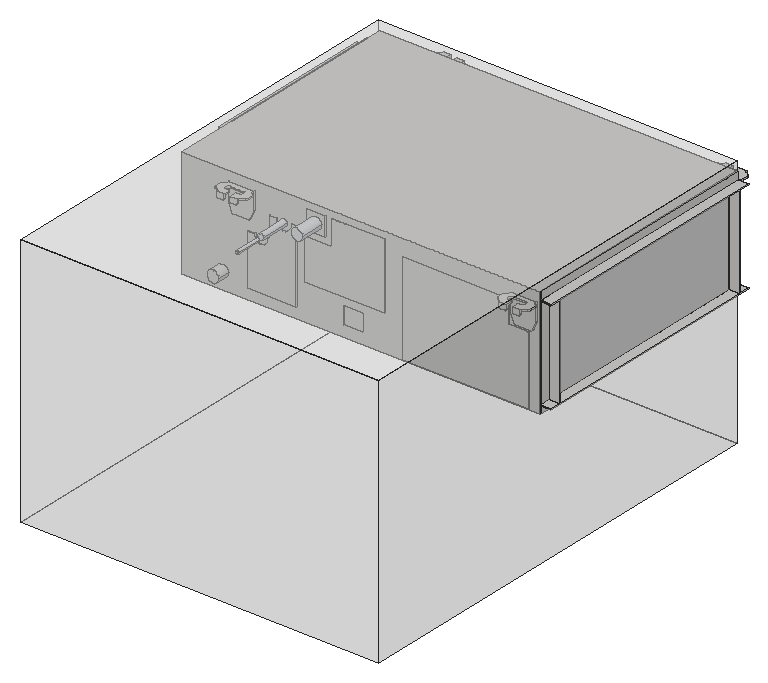
Revit family "outputfile", category 機械設備, Revit 2024
Family settings
  丸型コネクタ寸法 = 半径を使用
  パーツ タイプ = 標準
  OmniClass 番号 = 23.75.10.24.21.27.27
  OmniClass タイトル = Split System Air Conditioning Units
  作業面ベース = いいえ
  常に垂直 = はい
  ロード時にボイドで切り取り = いいえ
  注釈の向きを維持 = いいえ
  共有 = いいえ
  部屋計算ポイント = はい
Parameters (values of type "FXSQ20PAVE")
  Description = ""
  製造元 = "Daikin"
  書き出し IFC クラス(タイプ) = "IfcUnitaryEquipmentType"
  定義済み IFC タイプ(タイプ) = "AIRCONDITIONINGUNIT"
  Cost = 0
  モデル = "FXSQ20PAVE"
  Type Comments = ""
  Keynote = ""
  Type Image = (empty or 0)
  Assembly Code = ""
  r_Liquid Pipe Size = Liquid Pipe Size / 2  # 3.2 mm
  r_Gas Pipe Size = Gas Pipe Size / 2  # 6.35 mm
  r_Drain Pipe Size = Drain Pipe Size / 2  # 12.5 mm
  lw_power = 770.0 mm  # constant formula
  lh_SA = 138.0 mm  # constant formula
  lw_SA = if(Depth = 550.0 mm, 225.0 mm, if(Depth = 700.0 mm, 300.0 mm, if(Depth = 1000.0 mm, 450.0 mm, if(Depth = 1400.0 mm, 650.0 mm, 725.0 mm))))  # 225.0 mm
  lw_RA = if(Depth = 550.0 mm, 275.0 mm, if(Depth = 700.0 mm, 349.0 mm, if(Depth = 1000.0 mm, 499.0 mm, if(Depth = 1400.0 mm, 699.0 mm, 775.0 mm))))  # 275.0 mm
  lh_power = 60.0 mm + [h***]  # 60.0 mm
  lh_mountinghole1 = lh_mountinghole + [h***]  # 222.0 mm
  lh_RA = 123.0 mm  # constant formula
  ld_power = Depth / 2  # 275.0 mm
  Voltage_comment_60Hz = "220"
  Voltage_comment_50Hz = "220-240"
  Voltage_60Hz = 220 V
  Voltage_50Hz = 220 V
  URL = ""
  Supply Air Direction [instance] = yes
  Sound Power Level_H speed (dB) = 61
  Phase_60Hz = 1
  Phase_50Hz = 1
  Minimum External Static Pressure = 30.00 Pa
  Minimum Circuit Amps_60Hz = 0.8 A
  Minimum Circuit Amps_50Hz = 0.8 A
  Maximum Fuse Amps_60Hz = 16.0 A
  Maximum Fuse Amps_50Hz = 16.0 A
  Maximum External Static Pressure = 150.00 Pa
  Material_Casing = DAIKIN_GalvanizedSteel_Casing_indoorunit
  lw_mountinghole = 630.0 mm  # constant formula
  lh_gaspipe = 183.0 mm + [h***]  # 183.0 mm
  lh_mountinghole = 222.0 mm  # constant formula
  lh_liquidpipe = 136.0 mm + [h***]  # 136.0 mm
  lh_drainpipe = 207.0 mm + [h***]  # 207.0 mm
  lh_antena = Height - lh_mountinghole + 1.0 mm  # 24.0 mm
  ld_drainpipe = Depth / 2 + 53.0 mm  # 328.0 mm
  ld_liquidpipe = Depth / 2 + 69.0 mm  # 344.0 mm
  ld_gaspipe = Depth / 2 + 65.0 mm  # 340.0 mm
  ld_mountinghole = Depth + 38.0 mm  # 588.0 mm
  h*** = 0.0 mm  # constant formula
  lw_liquidpipe = 179.0 mm  # constant formula
  lw_gaspipe = 229.0 mm  # constant formula
  lw_drainpipe = 300.0 mm  # constant formula
  Width = 800.0 mm
  Version = "ver.1.0"
  Unit Type = "Middle Static Pressure Duct Type"
  Unit Mass Weight = 25.00 kg
  Unit Designation [instance] = ""
  Uniclass2015Version = "Products v1.30"
  Uniclass2015Title = "Variable refrigerant flow units"
  Uniclass2015Code = "Pr_70_65_03_94"
  Total Heating Capacity [instance] = 0.000 kW
  Total Cooling Capacity [instance] = 0.000 kW
  Sound Pressure Level_M speed (dBA) = 0
  Sound Pressure Level_L speed (dBA) = 28
  Sound Pressure Level_H speed (dBA) = 33
  Series = "VRV Fan Coil Unit"
  Sensible Cooling Capacity [instance] = 0.000 kW
  SA Duct Size Width = if(Depth = 550.0 mm, 337.0 mm, if(Depth = 700.0 mm, 492.0 mm, if(Depth = 1000.0 mm, 792.0 mm, if(Depth = 1400.0 mm, 1192.0 mm, 1337.0 mm))))  # 337.0 mm
  SA Duct Size Height = 176.0 mm
  Refrigerant Type = "R410A"
  RA Duct Size Width = if(Depth = 550.0 mm, 502.0 mm, if(Depth = 700.0 mm, 654.0 mm, if(Depth = 1000.0 mm, 952.0 mm, if(Depth = 1400.0 mm, 1352.0 mm, 1502.0 mm))))  # 502.0 mm
  RA Duct Size Height = 208.0 mm
  Power Input (Heating) = 0.099 kW
  Power Input (Cooling) = 0.104 kW
  Option Accessory 3 [instance] = ""
  Option Accessory 2 [instance] = ""
  Option Accessory 1 [instance] = ""
  Nominal Heating Capacity = 2.500 kW
  Nominal Cooling Capacity = 2.200 kW
  Minimum Airflow = 390.00 m³/h
  Median Airflow = 450.00 m³/h
  Maximum Airflow = 540.00 m³/h
  Load Classification = HVAC
  Liquid Pipe Size = 6.4 mm
  Link_Nested Family [instance] = ""
  IfcVersion = "0"
  IfcExportType = "AIRCONDITIONINGUNIT"
  IfcExportAs = "IfcUnitaryEquipmentType"
  Height = 245.0 mm
  Heating Entering Wet Bulb Temperature [instance] = 0.00 °C
  Heating Entering Dry Bulb Temperature [instance] = 0.00 °C
  Heating Ambient Wet Bulb Temperature [instance] = 0.00 °C
  Heating Ambient Dry Bulb Temperature [instance] = 0.00 °C
  Heat Exchanger Type = "Cross Fin Coil"
  Gas Pipe Size = 12.7 mm
  Frequency_60Hz = 60 Hz
  Frequency_50Hz = 50 Hz
  Fan Type = "Sirocco Fan"
  Fan Drive = "Direct Drive"
  FCU Tag No. [instance] = ""
  Drain Pipe Size = 25.0 mm
  Design Supply Airflow [instance] = 0.00 m³/h
  Design Return Airflow [instance] = 0.00 m³/h
  Design External Static Pressure [instance] = 0.00 Pa
  Depth = 550.0 mm
  既定の高さ = 0.0 mm
  Cooling Entering Wet Bulb Temperature [instance] = 0.00 °C
  Cooling Entering Dry Bulb Temperature [instance] = 0.00 °C
  Cooling Ambient Wet Bulb Temperature [instance] = 0.00 °C
  Cooling Ambient Dry Bulb Temperature [instance] = 0.00 °C
  Clearance visibility [instance] = yes
  Clearance Top = 20.0 mm
  Clearance Right = 0.0 mm
  Clearance Rear = 0.0 mm
  Clearance Left = 0.0 mm
  Clearance Front = 450.0 mm
  Clearance Bottom = 300.0 mm
Reference planes
  plane 1 "Center (Front/Back)": y = 0
  plane 2 "h": z = 0
  plane 3 "Center (Left/Right)": x = 0
  plane 4 "Back": y = 275
  plane 5 "Front": y = -275
  plane 6 "Left": x = -400
  plane 7 "Reight": x = 400
  plane 8 "Top": z = 0
  plane 9 "Bottom": z = -245
  plane 10: y = -215
  plane 11: y = 275
  plane 12: y = -725
  plane 13: x = -400
  plane 14: x = 400
  plane 15: z = 20
  plane 16: z = -545
  plane 17: x = -400
  plane 18: x = -399
  plane 19: x = 399
  plane 20: y = 50
  plane 21: y = 0
  plane 22: z = -122
  plane 23: y = -276
  plane 24: z = -109
  plane 25: x = -221
  plane 26: y = -340
  plane 27: z = -62
  plane 28: x = -171
  plane 29: y = -328
  plane 30: z = -38
  plane 31: x = -100
  plane 32: x = -100
  plane 33: x = -221
  plane 34: x = -171
  plane 35: x = 370
  plane 36: x = -266
  plane 37: x = 364
  plane 38: y = -294
  plane 39: y = 294
  plane 40: z = -23
  plane 41: z = -107
  plane 42: y = -344
  plane 43: z = -207
  plane 44: x = -309
  plane 45: y = -301
  plane 46: x = -251
  plane 47: x = -203
  plane 48: x = -144
  plane 49: z = -59
  plane 50: z = -106
  plane 51: z = -221
  plane 52: z = -109
  plane 53: x = -221
  plane 54: z = -62
  plane 55: x = -171
  plane 56: z = -17
  plane 57: z = -59
  plane 58: x = -121
  plane 59: x = -79
  plane 60: x = -125
  plane 61: x = -64
  plane 62: x = 53
  plane 63: z = -164
  plane 64: z = -73
  plane 65: z = -16
  plane 66: x = 93.5
  plane 67: x = 374.5
  plane 68: x = 330
  plane 69: z = -88.5
  plane 70: z = -38
  plane 71: z = -242.5
  plane 72: x = -38.5
  plane 73: x = 6.5
  plane 74: z = -181
  plane 75: z = -221
  plane 76: y = -274
  plane 77: x = -424
  plane 78: x = 424
Forms (mm)
  Extrusion 1, solid, material "DAIKIN_GalvanizedSteel_Casing_indoorunit" <- "Material_Casing"
    sketch origin (0, 0, 0) x (1, 0, 0) y (0, 1, 0)
      loop
        line (-399, 275) -> (-399, -275) -> (399, -275) -> (399, 275) -> (-399, 275)
    from -245 to 0
  Extrusion 2, solid, material "DAIKIN_GalvanizedSteel_Casing_indoorunit" <- "Material_Casing"
    sketch origin (0, 0, 0) x (1, 0, 0) y (0, 0, 1)
      loop
        line (-251, -221) -> (-144, -221) -> (-144, -59) -> (-154.47, -59)
        arc (-154.47, -59) -> (-171, -78.8) -> (-187.53, -59) r 16.8
        line (-187.53, -59) -> (-203, -59) -> (-203, -106) -> (-206.916, -106)
        arc (-206.916, -106) -> (-221, -123.4) -> (-235.084, -106) r 14.4
        line (-235.084, -106) -> (-251, -106) -> (-251, -221)
    from 275 to 276
  Extrusion 3, solid, material "DAIKIN_GalvanizedSteel_Casing_indoorunit" <- "Material_Casing"
    sketch origin (0, 0, 0) x (1, 0, 0) y (0, 0, 1)
      loop
        line (-121, -17) -> (-121, -59) -> (-79, -59) -> (-79, -17) -> (-121, -17)
      loop
        line (-125, -73) -> (-125, -164) -> (53, -164) -> (53, -16) -> (-64, -16) -> (-64, -73) -> (-125, -73)
    from 275 to 276
  Extrusion 4, solid, material "DAIKIN_GalvanizedSteel_Casing_indoorunit" <- "Material_Casing"
    sketch origin (0, 0, 0) x (1, 0, 0) y (0, 0, 1)
      loop
        line (93.5, -38) -> (93.5, -242.5) -> (374.5, -242.5) -> (374.5, -88.5) -> (330, -88.5) -> (330, -38) -> (93.5, -38)
    from 275 to 276
  Extrusion 5, solid
    sketch origin (0, 0, 0) x (1, 0, 0) y (0, 0, 1)
      loop
        circle (-221, -109) r 3.2
    from 275 to 344
  Extrusion 6, solid
    sketch origin (0, 0, 0) x (1, 0, 0) y (0, 0, 1)
      loop
        circle (-171, -62) r 6.35
    from 275 to 340
  Extrusion 7, solid
    sketch origin (0, 0, 0) x (1, 0, 0) y (0, 0, 1)
      loop
        circle (-100, -38) r 12.5
    from 276 to 328
  Extrusion 8, solid, material "DAIKIN_GalvanizedSteel_Casing_indoorunit" <- "Material_Casing"
    sketch origin (0, 0, 0) x (1, 0, 0) y (0, 0, 1)
      loop
        circle (-309, -207) r 13
    from 275 to 301
  Extrusion 9, void
    sketch origin (0, 0, 0) x (1, 0, 0) y (0, 0, 1)
      loop
        line (-38.5, -181) -> (-38.5, -221) -> (6.5, -221) -> (6.5, -181) -> (-38.5, -181)
    from 274 to 275
Cuts and joins
  Extrusion 9 cuts Extrusion 1
Dimensions and locks
  "Height": plane 8 "Top" to plane 9 "Bottom"
  equal spacing: plane 4 "Back", plane 1 "Center (Front/Back)", plane 5 "Front"
  "Depth": plane 4 "Back" to plane 5 "Front"
  equal spacing: plane 6 "Left", plane 3 "Center (Left/Right)", plane 7 "Reight"
  "Width": plane 6 "Left" to plane 7 "Reight"
  "Clearance Left": plane 13 to plane 6 "Left"
  "Clearance Right": plane 7 "Reight" to plane 14
  "Clearance Rear": plane 11 to plane 4 "Back"
  "Clearance Front": plane 5 "Front" to plane 12
  "Clearance Top": plane 15 to plane 8 "Top"
  "Clearance Bottom": plane 9 "Bottom" to plane 16
  locked: plane 17 to plane 18 at 1
  locked: plane 19 to plane 14 at 1
  "lw_SA": plane 11 to plane 20
  "lw_RA": plane 21 to plane 5 "Front"
  "lh_RA": plane 22 to plane 9 "Bottom"
  locked: plane 5 "Front" to plane 23 at 1
  "lw_liquidpipe": plane 25 to plane 6 "Left"
  "lh_liquidpipe": plane 24 to plane 9 "Bottom"
  "lh_gaspipe": plane 27 to plane 9 "Bottom"
  "lw_gaspipe": plane 28 to plane 6 "Left"
  "ld_gaspipe": plane 26 to plane 1 "Center (Front/Back)"
  "ld_drainpipe": plane 29 to plane 1 "Center (Front/Back)"
  "lh_drainpipe": plane 30 to plane 9 "Bottom"
  "lw_drainpipe": plane 31 to plane 6 "Left"
  "lw_drainpipe": plane 6 "Left" to plane 32
  "lw_liquidpipe": plane 6 "Left" to plane 33
  "lw_gaspipe": plane 6 "Left" to plane 34
  "lw_power": plane 6 "Left" to plane 35
  locked: plane 17 to plane 36 at 134
  "lw_mountinghole": plane 36 to plane 37
  equal spacing: plane 38, plane 1 "Center (Front/Back)", plane 39
  "ld_mountinghole": plane 39 to plane 38
  "lh_mountinghole": plane 40 to plane 9 "Bottom"
  "lh_SA": plane 41 to plane 9 "Bottom"
  "ld_liquidpipe": plane 21 to plane 42
  locked: plane 44 to plane 6 "Left" at 91
  locked: plane 43 to plane 9 "Bottom" at 38
  locked: plane 5 "Front" to plane 45 at 26
  plane 48 to plane 47 to plane 46 to plane 6 "Left" = 59.0 mm, 48.0 mm, 149.0 mm
  plane 8 "Top" to plane 49 to plane 50 to plane 51 = 59.0 mm locked, 47.0 mm locked, 115.0 mm locked
  plane 55 to plane 53 to plane 6 "Left" = 50.0 mm locked, 179.0 mm locked
  plane 54 to plane 52 to plane 9 "Bottom" = 47.0 mm locked, 136.0 mm locked
  plane 59 to plane 58 to plane 6 "Left" = 42.0 mm locked, 279.0 mm locked
  plane 8 "Top" to plane 56 to plane 57 = 17.0 mm locked, 42.0 mm locked
  plane 62 to plane 61 to plane 60 to plane 6 "Left" = 117.0 mm, 61.0 mm, 275.0 mm
  plane 8 "Top" to plane 65 to plane 64 = 16.0 mm locked, 57.0 mm locked
  locked: plane 65 to plane 63 at 148
  plane 8 "Top" to plane 70 to plane 69 to plane 71 = 38.0 mm locked, 50.5 mm locked, 154.0 mm locked
  plane 67 to plane 68 to plane 66 to plane 6 "Left" = 44.5 mm locked, 236.5 mm locked, 493.5 mm locked
  plane 8 "Top" to plane 74 to plane 75 = 181.0 mm locked, 40.0 mm locked
  plane 73 to plane 72 to plane 6 "Left" = 45.0 mm, 361.5 mm
  locked: plane 76 to plane 5 "Front" at 1
  locked: plane 77 to plane 17 at 24
  locked: plane 14 to plane 78 at 24
  "r_Liquid Pipe Size": radius of Extrusion 5 sketch curve
  "r_Gas Pipe Size": radius of Extrusion 6 sketch curve
  "r_Drain Pipe Size": radius of Extrusion 7 sketch curve
  aligned and locked: level to plane 2 "h"
  aligned and locked: plane 8 "Top" to Extrusion 1
  aligned and locked: Extrusion 1 to plane 9 "Bottom"
  aligned and locked: nested 5 to plane 12
  aligned and locked: plane 13 to nested 5
  aligned and locked: plane 14 to nested 5
  aligned and locked: nested 5 to plane 13
  aligned and locked: plane 11 to nested 5
  aligned and locked: plane 15 to nested 5
  aligned and locked: plane 16 to nested 5
  aligned and locked: plane 5 "Front" to Extrusion 1 sketch curve
  aligned and locked: Extrusion 1 to plane 18
  aligned and locked: plane 19 to Extrusion 1
  aligned and locked: nested 7 to plane 18
  aligned and locked: nested 7 to plane 20
  aligned and locked: plane 19 to nested 8
  aligned and locked: plane 21 to nested 8
  aligned and locked: plane 22 to nested 8
  aligned and locked: Extrusion 2 to plane 23
  aligned and locked: plane 5 "Front" to Extrusion 2
  aligned and locked: Extrusion 3 to plane 23
  aligned and locked: plane 5 "Front" to Extrusion 3
  aligned and locked: plane 5 "Front" to Extrusion 4
  aligned and locked: Extrusion 5 sketch curve to plane 25
  aligned and locked: plane 24 to Extrusion 5 sketch curve
  aligned and locked: plane 5 "Front" to Extrusion 5
  aligned and locked: Extrusion 6 sketch curve to plane 28
  aligned and locked: plane 27 to Extrusion 6 sketch curve
  aligned and locked: plane 5 "Front" to Extrusion 6
  aligned and locked: Extrusion 7 sketch curve to plane 31
  aligned and locked: Extrusion 7 sketch curve to plane 30
  aligned and locked: Extrusion 7 to plane 29
  aligned and locked: plane 23 to Extrusion 7
  aligned and locked: nested 3 to plane 29
  aligned and locked: plane 32 to nested 3
  aligned and locked: nested 2 to plane 33
  aligned and locked: nested 1 to plane 34
  aligned and locked: Extrusion 6 to plane 26
  aligned and locked: nested 1 to plane 26
  aligned and locked: nested 6 to plane 5 "Front"
  aligned and locked: plane 35 to nested 6
  aligned and locked: plane 36 to nested 10
  aligned and locked: nested 10 to plane 5 "Front"
  aligned and locked: plane 37 to nested 9
  aligned and locked: nested 9 to plane 5 "Front"
  aligned and locked: nested 11 to plane 36
  aligned and locked: plane 4 "Back" to nested 11
  aligned and locked: nested 12 to plane 37
  aligned and locked: plane 4 "Back" to nested 12
  aligned and locked: plane 40 to nested 10
  aligned and locked: plane 40 to nested 11
  aligned and locked: plane 40 to nested 9
  aligned and locked: plane 40 to nested 12
  aligned and locked: plane 36 to nested 14
  aligned and locked: nested 14 to plane 39
  aligned and locked: plane 37 to nested 13
  aligned and locked: nested 13 to plane 39
  aligned and locked: plane 37 to nested 16
  aligned and locked: plane 38 to nested 16
  aligned and locked: plane 38 to nested 15
  aligned and locked: plane 36 to nested 15
  aligned and locked: plane 17 to plane 6 "Left"
  aligned and locked: plane 41 to nested 7
  aligned and locked: Extrusion 5 to plane 42
  aligned and locked: nested 2 to plane 42
  aligned and locked: Extrusion 8 sketch curve to plane 44
  aligned and locked: plane 43 to Extrusion 8 sketch curve
  aligned and locked: plane 5 "Front" to Extrusion 8
  aligned and locked: plane 45 to Extrusion 8
  aligned and locked: Extrusion 3 sketch curve to plane 56
  aligned and locked: Extrusion 3 sketch curve to plane 58
  aligned and locked: plane 57 to Extrusion 3 sketch curve
  aligned and locked: plane 59 to Extrusion 3 sketch curve
  aligned and locked: Extrusion 4 to plane 23
  aligned and locked: Extrusion 9 sketch curve to plane 74
  aligned and locked: plane 75 to Extrusion 9 sketch curve
  aligned and locked: plane 73 to Extrusion 9 sketch curve
  aligned and locked: plane 5 "Front" to Extrusion 9
  aligned and locked: plane 76 to Extrusion 9
  aligned and locked: nested 17 to plane 20
  aligned and locked: nested 17 to plane 77
  aligned and locked: plane 21 to nested 18
  aligned and locked: plane 78 to nested 18
  aligned and locked: plane 41 to nested 17
  aligned and locked: nested 18 to plane 22
  aligned and locked: nested 4 to plane 3 "Center (Left/Right)"
  aligned and locked: plane 1 "Center (Front/Back)" to nested 4
  aligned and locked: level to plane 8 "Top"
Automatic sketch dimensions
  plane 6 "Left" to Extrusion 1 sketch curve = 1.0 mm
  Extrusion 1 sketch curve to plane 7 "Reight" = 1.0 mm
  Extrusion 1 sketch curve to plane 4 "Back" = 0.0 mm
  Extrusion 2 sketch curve to plane 46 = 0.0 mm
  Extrusion 2 sketch curve to plane 33 = 0.0 mm
  Extrusion 2 sketch curve to plane 47 = 0.0 mm
  Extrusion 2 sketch curve to plane 34 = 0.0 mm
  Extrusion 2 sketch curve to plane 48 = 0.0 mm
  Extrusion 2 sketch curve to plane 51 = 0.0 mm
  Extrusion 2 sketch curve to plane 52 = 0.0 mm
  Extrusion 2 sketch curve to plane 50 = 0.0 mm  (x3)
  Extrusion 2 sketch curve to plane 54 = 0.0 mm
  Extrusion 2 sketch curve to plane 49 = 0.0 mm  (x3)
  plane 33 to Extrusion 2 sketch curve = 14.084 mm
  plane 34 to Extrusion 2 sketch curve = 16.53 mm
  Extrusion 3 sketch curve to plane 60 = 0.0 mm
  Extrusion 3 sketch curve to plane 61 = 0.0 mm
  Extrusion 3 sketch curve to plane 62 = 0.0 mm
  Extrusion 3 sketch curve to plane 63 = 0.0 mm
  Extrusion 3 sketch curve to plane 64 = 0.0 mm
  Extrusion 3 sketch curve to plane 65 = 0.0 mm
  Extrusion 4 sketch curve to plane 66 = 0.0 mm
  Extrusion 4 sketch curve to plane 68 = 0.0 mm
  Extrusion 4 sketch curve to plane 67 = 0.0 mm
  Extrusion 4 sketch curve to plane 71 = 0.0 mm
  Extrusion 4 sketch curve to plane 69 = 0.0 mm
  Extrusion 4 sketch curve to plane 70 = 0.0 mm
  Extrusion 9 sketch curve to plane 72 = 0.0 mm
  radius of Extrusion 8 sketch curve = 13.0 mm
Nested families
  nested 1: "daikin_connector_rotate2" at (-171, 0, -62), length <- "ld_gaspipe", built-in parameter 1001364 <- "lh_gaspipe", radius <- "r_Gas Pipe Size", type "daikin_connector_rotate2"
    with radius 6.35 mm, length 340.0 mm, angle_vertical 90.00°
  nested 2: "daikin_connector_rotate2" at (-221, 0, -109), length <- "ld_liquidpipe", built-in parameter 1001364 <- "lh_liquidpipe", radius <- "r_Liquid Pipe Size", type "daikin_connector_rotate2"
    with radius 3.2 mm, length 344.0 mm, angle_vertical 90.00°
  nested 3: "daikin_connector_rotate2" at (-100, 0, -38), length <- "ld_drainpipe", built-in parameter 1001364 <- "lh_drainpipe", radius <- "r_Drain Pipe Size", type "daikin_connector_rotate2"
    with radius 12.5 mm, length 328.0 mm, angle_vertical 90.00°
  nested 4: "daikin_△_symbolicline" at (0, 0, 245) x (0, -1, 0) z (0, 0, 1), built-in parameter 1001364 <- "Height", visible <- "Supply Air Direction", type "daikin_△_symbolicline"
    with length 200.0 mm
  nested 5: "daikin_clearancespace" at (0, -225, -262.381), visible <- "Clearance visibility", show <- "Clearance visibility", Link_Nested Family <- "Link_Nested Family", type "daikin_clearancespace"
    with width 800.0 mm, show yes, height 565.0 mm, depth 1000.0 mm, Link_Nested Family ""
  nested 6: "daikin_connector_rotate2" at (370, 0, -185), built-in parameter 1001364 <- "lh_power", length <- "ld_power", type "daikin_connector_rotate2"
    with radius 10.0 mm, length 275.0 mm, angle_vertical 90.00°
  nested 7: "daikin_ductflange_FXSQ-PAVE2" at (-399, 50, -107) x (0, -1, 0) z (0, 0, 1), type "daikin_ductflange_FXSQ-PAVE2"
  nested 8: "daikin_ductflange_FXSQ-PAVE" at (399, 0, -122) x (0, 1, 0) z (0, 0, 1), type "daikin_ductflange_FXSQ-PAVE"
  nested 9: "daikin_hangerfixture_FXSQ-PAVE" at (364, -275, -23), type "daikin_hangerfixture_FXSQ-PAVE"
  nested 10: "daikin_hangerfixture_FXSQ-PAVE" at (-266, -275, -23), type "daikin_hangerfixture_FXSQ-PAVE"
  nested 11: "daikin_hangerfixture_FXSQ-PAVE" at (-266, 275, -23) x (-1, 0, 0) z (0, 0, 1), type "daikin_hangerfixture_FXSQ-PAVE"
  nested 12: "daikin_hangerfixture_FXSQ-PAVE" at (364, 275, -23) x (-1, 0, 0) z (0, 0, 1), type "daikin_hangerfixture_FXSQ-PAVE"
  nested 13: "daikin_mountinghole" at (364, 294, -245), h_mountinghole <- "lh_mountinghole1", l_antenna <- "lh_antena", Link_Nested Family <- "Link_Nested Family", type "daikin_mountinghole"
    with show yes, l_antenna 24.0 mm, h_mountinghole 222.0 mm, Link_Nested Family ""
  nested 14: "daikin_mountinghole" at (-266, 294, -245), h_mountinghole <- "lh_mountinghole1", l_antenna <- "lh_antena", Link_Nested Family <- "Link_Nested Family", type "daikin_mountinghole"
    with show yes, l_antenna 24.0 mm, h_mountinghole 222.0 mm, Link_Nested Family ""
  nested 15: "daikin_mountinghole" at (-266, -294, -245), h_mountinghole <- "lh_mountinghole1", l_antenna <- "lh_antena", Link_Nested Family <- "Link_Nested Family", type "daikin_mountinghole"
    with show yes, l_antenna 24.0 mm, h_mountinghole 222.0 mm, Link_Nested Family ""
  nested 16: "daikin_mountinghole" at (364, -294, -245), h_mountinghole <- "lh_mountinghole1", l_antenna <- "lh_antena", Link_Nested Family <- "Link_Nested Family", type "daikin_mountinghole"
    with show yes, l_antenna 24.0 mm, h_mountinghole 222.0 mm, Link_Nested Family ""
  nested 17: "daikin_connector_rotate2" at (-400, 50, -107) x (0, -1, 0) z (0, 0, 1), type "daikin_connector_rotate2"
    with radius 10.0 mm, length 24.0 mm, angle_vertical 90.00°
  nested 18: "daikin_connector_rotate2" at (400, 0, -122) x (0, 1, 0) z (0, 0, 1), type "daikin_connector_rotate2"
    with radius 10.0 mm, length 24.0 mm, angle_vertical 90.00°
Connectors
  piping at (-100, -328, -38), diameter 25, driven by "r_Drain Pipe Size"
    settings: on nested 3, index 3, connector inside diameter 609.6 mm, connector length 0.0 mm, flow factor 0, pipe flow 0.00 m³/h, pressure drop 0.0 Pa, fitting loss kfactor 0, connector angle 0.00°, fixture units 0, engagement length 0.0 mm, angle of deflection 0.00°, flow configuration 1, flow direction 2, fitting loss method 4, system type 16, joint type 0, gender type 0, connector reference index -1, connector utility 0, adjustable connector no, is connector primary yes, connector description "Condensate Drain Piping"
  piping at (-171, -340, -62), diameter 12.7, driven by "r_Gas Pipe Size"
    settings: on nested 1, index 4, connector inside diameter 609.6 mm, connector length 0.0 mm, flow factor 0, pipe flow 0.00 m³/h, pressure drop 0.0 Pa, fitting loss kfactor 0, connector angle 0.00°, fixture units 0, engagement length 0.0 mm, angle of deflection 0.00°, flow configuration 1, flow direction 2, fitting loss method 0, system type 29, joint type 0, gender type 0, connector reference index -1, connector utility 0, adjustable connector no, is connector primary no, connector description "Refrigerant Gas Piping"
  piping at (-221, -344, -109), diameter 6.4, driven by "r_Liquid Pipe Size"
    settings: on nested 2, index 5, connector inside diameter 609.6 mm, connector length 0.0 mm, flow factor 0, pipe flow 0.00 m³/h, pressure drop 0.0 Pa, fitting loss kfactor 0, connector angle 0.00°, fixture units 0, engagement length 0.0 mm, angle of deflection 0.00°, flow configuration 1, flow direction 1, fitting loss method 0, system type 29, joint type 0, gender type 0, connector reference index -1, connector utility 0, adjustable connector no, is connector primary no, connector description "Refrigerant Liquid Piping"
  electrical at (370, -275, -185), driven by "Load Classification"
    settings: on nested 6, index 6, voltage 0 V, apparent load 0 VA, apparent load phase1 0 VA, apparent load phase2 0 VA, apparent load phase3 0 VA, power factor 1, load classification "HVAC", number of poles 1, system type 30, power factor state 1, is connector primary yes, connector utility no, sub classification motor no, connector description "Power Supply"
  hvac at (-424, 50, -107), driven by "SA Duct Size Height", driven by "SA Duct Size Width"
    settings: on nested 17, index 7, duct flow 0.00 m³/h, flow factor 0, pres drop 0.00 Pa, loss coef 0, conn angle 0.00°, conn width 337.0 mm, conn height 176.0 mm, conn diameter 609.6 mm, duct sys type 1, conn prof type 1, flow config 0, flow direction 2, loss method 4, conn ref index -1, conn util no, is conn primary yes, conn desc "SA Duct"
  hvac at (424, 0, -122), driven by "RA Duct Size Height", driven by "RA Duct Size Width"
    settings: on nested 18, index 8, duct flow 0.00 m³/h, flow factor 0, pres drop 0.00 Pa, loss coef 0, conn angle 0.00°, conn width 502.0 mm, conn height 208.0 mm, conn diameter 609.6 mm, duct sys type 2, conn prof type 1, flow config 0, flow direction 1, loss method 4, conn ref index -1, conn util no, is conn primary no, conn desc "RA Duct"
Definition of nested family "daikin_clearancespace"
  Parameters (values of type "daikin_clearancespace")
    width [instance] = 1823.963 mm
    show [instance] = yes
    material = none
    height [instance] = 1359.762 mm
    depth [instance] = 880.0 mm
    Default Elevation = 0.0 mm
    Link_Nested Family [instance] = ""
  Reference planes
    plane 1 "Center (Front/Back)": y = 0
    plane 2 "Center (Elevation)": z = -0.119
    plane 3 "Center (Left/Right)": x = 0
    plane 4: y = 440
    plane 5: y = -440
    plane 6 "Right": x = 911.982
    plane 7 "Left": x = -911.982
    plane 8 "Top": z = 679.762
    plane 9 "Bottom": z = -680
  Forms (mm)
    Extrusion 1, solid, material <- "material", visible <- "show"
      sketch origin (0, 0, 0) x (1, 0, 0) y (0, 1, 0)
        loop
          line (-911.982, 440) -> (-911.982, -440) -> (911.982, -440) -> (911.982, 440) -> (-911.982, 440)
      from -680 to 679.762
  Lines and regions (mm)
    symbolic lines, visible <- "show"
      curve 1: line (911.982, 440, 0) -> (-911.982, 440, 0)
      curve 2: line (-911.982, 440, 0) -> (-911.982, -440, 0)
      curve 3: line (-911.982, -440, 0) -> (911.982, -440, 0)
      curve 4: line (911.982, -440, 0) -> (911.982, 440, 0)
      curve 5: line (911.982, 0, 679.762) -> (-911.982, 0, 679.762)
      curve 6: line (911.982, 0, -680) -> (911.982, 0, 679.762)
      curve 7: line (-911.982, 0, -680) -> (911.982, 0, -680)
      curve 8: line (-911.982, 0, 679.762) -> (-911.982, 0, -680)
      curve 9: line (0, 440, 679.762) -> (0, -440, 679.762)
      curve 10: line (0, -440, 679.762) -> (0, -440, -680)
      curve 11: line (0, 440, -680) -> (0, 440, 679.762)
      curve 12: line (0, -440, -680) -> (0, 440, -680)
  Dimensions and locks
    "width": plane 7 "Left" to plane 6 "Right"
    "depth": plane 4 to plane 5
    "height": plane 8 "Top" to plane 9 "Bottom"
    equal spacing: plane 7 "Left", plane 3 "Center (Left/Right)", plane 6 "Right"
    equal spacing: plane 4, plane 1 "Center (Front/Back)", plane 5
    equal spacing: plane 8 "Top", plane 2 "Center (Elevation)", plane 9 "Bottom"
    aligned and locked: level to plane 2 "Center (Elevation)"
    aligned and locked: Extrusion 1 sketch curve to plane 4
    aligned and locked: plane 7 "Left" to Extrusion 1 sketch curve
    aligned and locked: Extrusion 1 sketch curve to plane 5
    aligned and locked: Extrusion 1 sketch curve to plane 6 "Right"
    aligned and locked: plane 8 "Top" to Extrusion 1
    aligned and locked: curve 1 to Extrusion 1
    aligned and locked: curve 2 to Extrusion 1
    aligned and locked: curve 3 to Extrusion 1
    aligned and locked: curve 4 to Extrusion 1
    aligned and locked: curve 5 to Extrusion 1
    aligned and locked: curve 6 to Extrusion 1
    aligned and locked: curve 7 to Extrusion 1
    aligned and locked: curve 8 to Extrusion 1
    aligned and locked: curve 9 to Extrusion 1
    aligned and locked: curve 10 to Extrusion 1
    aligned and locked: curve 11 to Extrusion 1
    aligned and locked: curve 12 to Extrusion 1
    aligned and locked: Extrusion 1 to plane 9 "Bottom"
Definition of nested family "daikin_ductflange_FXSQ-PAVE2"
  Parameters (values of type "daikin_ductflange_FXMQ-PAVE2")
    width = if(w = 550.0 mm, 337.0 mm, if(w = 700.0 mm, 492.0 mm, if(w = 1000.0 mm, 792.0 mm, if(w = 1400.0 mm, 1192.0 mm, 1337.0 mm))))  # 337.0 mm
    material = none
    height = 215.0 mm
    depth = 1.0 mm
    w = 550.0 mm
    Default Elevation = 0.0 mm
  Reference planes
    plane 1 "Center (Front/Back)": y = 0
    plane 2: z = 0
    plane 3 "Center (Left/Right)": x = 0
    plane 4: z = 88
    plane 5: z = -88
    plane 6: y = -25
    plane 7: z = 106
    plane 8: z = 89
    plane 9: y = -1
    plane 10: x = -192.5
    plane 11: x = 192.5
    plane 12: z = -106
    plane 13: z = -89
    plane 14: y = -1
    plane 15: x = 168.5
    plane 16: x = -168.5
    plane 17: x = 169.5
    plane 18: z = 87
    plane 19: z = -87
    plane 20: x = -169.5
    plane 21: z = 87
    plane 22: z = -87
    plane 23: y = -1
  Forms (mm)
    Extrusion 1, solid, material <- "material"
      sketch origin (0, 0, 0) x (0, 1, 0) y (0, 0, 1)
        loop
          line (-25, 88) -> (0, 88) -> (0, 106) -> (-1, 106) -> (-1, 89) -> (-25, 89) -> (-25, 88)
      from -192.5 to 192.5
    Extrusion 2, solid, material <- "material"
      sketch origin (0, 0, 0) x (0, 1, 0) y (0, 0, 1)
        loop
          line (-25, -88) -> (-25, -89) -> (-1, -89) -> (-1, -106) -> (0, -106) -> (0, -88) -> (-25, -88)
      from -192.5 to 192.5
    Extrusion 3, solid, material <- "material"
      sketch origin (0, 0, 0) x (1, 0, 0) y (0, 0, 1)
        loop
          line (168.5, 88) -> (168.5, -88) -> (192.5, -88) -> (192.5, -87) -> (169.5, -87) -> (169.5, 87) -> (192.5, 87) -> (192.5, 88) -> (168.5, 88)
      from 0 to 25
    Extrusion 4, solid, material <- "material"
      sketch origin (0, 0, 0) x (1, 0, 0) y (0, 0, 1)
        loop
          line (-192.5, 88) -> (-192.5, 87) -> (-169.5, 87) -> (-169.5, -87) -> (-192.5, -87) -> (-192.5, -88) -> (-168.5, -88) -> (-168.5, 88) -> (-192.5, 88)
      from 0 to 25
    Extrusion 5, solid, material <- "material"
      sketch origin (0, 0, 0) x (1, 0, 0) y (0, 0, 1)
        loop
          line (-192.5, 88) -> (-192.5, -88) -> (-168.5, -88) -> (-168.5, 88) -> (-192.5, 88)
        loop
          line (192.5, 88) -> (168.5, 88) -> (168.5, -88) -> (192.5, -88) -> (192.5, 88)
      from 0 to 1
  Cuts and joins
    joined: Extrusion 1, Extrusion 2, Extrusion 3, Extrusion 4, Extrusion 5
  Dimensions and locks
    plane 4 to level to plane 5 = 88.0 mm, 88.0 mm
    locked: plane 6 to plane 1 "Center (Front/Back)" at 25
    locked: plane 9 to plane 1 "Center (Front/Back)" at 1
    locked: plane 8 to plane 4 at 1
    locked: plane 16 to plane 10 at 24
    locked: plane 17 to plane 15 at 1
    locked: plane 4 to plane 18 at 1
    locked: plane 19 to plane 5 at 1
    "width": plane 15 to plane 16
    plane 4 to plane 5 = 176.0 mm
    locked: plane 16 to plane 20 at 1
    locked: plane 4 to plane 21 at 1
    locked: plane 22 to plane 5 at 1
    locked: plane 23 to plane 1 "Center (Front/Back)" at 1
    plane 4 to level to plane 5 = 88.0 mm locked, 88.0 mm locked
    locked: plane 5 to plane 13 at 1
    locked: plane 5 to plane 12 at 18
    locked: plane 7 to plane 4 at 18
    equal spacing: plane 15, plane 3 "Center (Left/Right)", plane 16
    locked: plane 11 to plane 15 at 24
    plane 11 to plane 10 = 385.0 mm
    aligned and locked: level to plane 2
    aligned and locked: Extrusion 1 to plane 10
    aligned and locked: plane 11 to Extrusion 1
    aligned and locked: plane 5 to Extrusion 2
    aligned and locked: Extrusion 2 to plane 1 "Center (Front/Back)"
    aligned and locked: plane 15 to Extrusion 3 sketch curve
    aligned and locked: Extrusion 3 sketch curve to Extrusion 2  (x2)
    aligned and locked: Extrusion 3 sketch curve to plane 11
    aligned and locked: plane 6 to Extrusion 3
    aligned and locked: Extrusion 2 to plane 10
    aligned and locked: plane 11 to Extrusion 2
    aligned and locked: Extrusion 4 sketch curve to Extrusion 1  (x2)
    aligned and locked: plane 5 to Extrusion 4 sketch curve
    aligned and locked: Extrusion 4 sketch curve to plane 16
    aligned and locked: Extrusion 4 sketch curve to plane 22
    aligned and locked: plane 20 to Extrusion 4 sketch curve
    aligned and locked: plane 21 to Extrusion 4 sketch curve
    aligned and locked: Extrusion 4 to plane 1 "Center (Front/Back)"
    aligned and locked: plane 6 to Extrusion 4
    aligned and locked: Extrusion 5 sketch curve to Extrusion 1  (x4)
    aligned and locked: Extrusion 5 sketch curve to Extrusion 4  (x2)
    aligned and locked: Extrusion 5 sketch curve to Extrusion 3  (x2)
    aligned and locked: Extrusion 5 to plane 1 "Center (Front/Back)"
    aligned and locked: plane 23 to Extrusion 5
  Automatic sketch dimensions
    Extrusion 1 sketch curve to plane 6 = 0.0 mm
    Extrusion 1 sketch curve to plane 7 = 0.0 mm
    Extrusion 1 sketch curve to plane 9 = 0.0 mm
    Extrusion 1 sketch curve to plane 1 "Center (Front/Back)" = 0.0 mm
    Extrusion 1 sketch curve to plane 4 = 0.0 mm
    Extrusion 1 sketch curve to plane 8 = 0.0 mm
    Extrusion 2 sketch curve to plane 6 = 0.0 mm
    plane 12 to Extrusion 2 sketch curve = 0.0 mm
    Extrusion 2 sketch curve to plane 14 = 0.0 mm
    Extrusion 2 sketch curve to plane 1 "Center (Front/Back)" = 0.0 mm
    plane 13 to Extrusion 2 sketch curve = 0.0 mm
    Extrusion 2 sketch curve to plane 5 = 0.0 mm
    Extrusion 3 sketch curve to plane 17 = 0.0 mm
    Extrusion 3 sketch curve to plane 19 = 0.0 mm
    Extrusion 3 sketch curve to plane 18 = 0.0 mm
    Extrusion 3 sketch curve to plane 4 = 0.0 mm
    Extrusion 4 sketch curve to plane 10 = 0.0 mm
Definition of nested family "daikin_ductflange_FXSQ-PAVE"
  Parameters (values of type "daikin_ductflange_FXMQ-PAVE")
    width = if(w = 550.0 mm, 502.0 mm, if(w = 700.0 mm, 654.0 mm, if(w = 1000.0 mm, 952.0 mm, if(w = 1400.0 mm, 1352.0 mm, 1502.0 mm))))  # 502.0 mm
    material = none
    height = 208.0 mm
    depth = 1.0 mm
    w = 550.0 mm
    Default Elevation = 0.0 mm
  Reference planes
    plane 1 "Center (Front/Back)": y = 0
    plane 2: z = 0
    plane 3 "Center (Left/Right)": x = 0
    plane 4: z = 104
    plane 5: z = -104
    plane 6: y = -25
    plane 7: z = 121
    plane 8: z = 105
    plane 9: y = -1
    plane 10: x = -275
    plane 11: x = 275
    plane 12: z = -122
    plane 13: z = -105
    plane 14: y = -1
    plane 15: x = 251
    plane 16: x = -251
    plane 17: x = 252
    plane 18: z = 103
    plane 19: z = -103
    plane 20: x = -252
    plane 21: z = 103
    plane 22: z = -103
    plane 23: y = -1
  Forms (mm)
    Extrusion 1, solid, material <- "material"
      sketch origin (0, 0, 0) x (0, 1, 0) y (0, 0, 1)
        loop
          line (-25, 104) -> (0, 104) -> (0, 121) -> (-1, 121) -> (-1, 105) -> (-25, 105) -> (-25, 104)
      from -275 to 275
    Extrusion 2, solid, material <- "material"
      sketch origin (0, 0, 0) x (0, 1, 0) y (0, 0, 1)
        loop
          line (-25, -104) -> (-25, -105) -> (-1, -105) -> (-1, -122) -> (0, -122) -> (0, -104) -> (-25, -104)
      from -275 to 275
    Extrusion 3, solid, material <- "material"
      sketch origin (0, 0, 0) x (1, 0, 0) y (0, 0, 1)
        loop
          line (251, 104) -> (251, -104) -> (275, -104) -> (275, -103) -> (252, -103) -> (252, 103) -> (275, 103) -> (275, 104) -> (251, 104)
      from 0 to 25
    Extrusion 4, solid, material <- "material"
      sketch origin (0, 0, 0) x (1, 0, 0) y (0, 0, 1)
        loop
          line (-275, 104) -> (-275, 103) -> (-252, 103) -> (-252, -103) -> (-275, -103) -> (-275, -104) -> (-251, -104) -> (-251, 104) -> (-275, 104)
      from 0 to 25
    Extrusion 5, solid, material <- "material"
      sketch origin (0, 0, 0) x (1, 0, 0) y (0, 0, 1)
        loop
          line (-275, 104) -> (-275, -104) -> (-251, -104) -> (-251, 104) -> (-275, 104)
        loop
          line (275, 104) -> (251, 104) -> (251, -104) -> (275, -104) -> (275, 104)
      from 0 to 1
  Cuts and joins
    joined: Extrusion 1, Extrusion 2, Extrusion 3, Extrusion 4, Extrusion 5
  Dimensions and locks
    plane 4 to level to plane 5 = 104.0 mm, 104.0 mm
    locked: plane 6 to plane 1 "Center (Front/Back)" at 25
    locked: plane 9 to plane 1 "Center (Front/Back)" at 1
    locked: plane 8 to plane 4 at 1
    locked: plane 11 to plane 15 at 24
    locked: plane 16 to plane 10 at 24
    locked: plane 17 to plane 15 at 1
    locked: plane 4 to plane 18 at 1
    locked: plane 19 to plane 5 at 1
    "width": plane 15 to plane 16
    equal spacing: plane 15, plane 3 "Center (Left/Right)", plane 16
    locked: plane 16 to plane 20 at 1
    locked: plane 4 to plane 21 at 1
    locked: plane 22 to plane 5 at 1
    locked: plane 23 to plane 1 "Center (Front/Back)" at 1
    locked: plane 7 to plane 4 at 17
    locked: plane 1 "Center (Front/Back)" to plane 14 at 1
    locked: plane 5 to plane 13 at 1
    "height": plane 4 to plane 5
    plane 11 to plane 10 = 550.0 mm
    locked: plane 12 to plane 13 at 17
    equal spacing: plane 4, level, plane 5
    aligned and locked: level to plane 2
    aligned and locked: Extrusion 1 to plane 10
    aligned and locked: plane 11 to Extrusion 1
    aligned and locked: plane 5 to Extrusion 2
    aligned and locked: Extrusion 2 to plane 1 "Center (Front/Back)"
    aligned and locked: plane 15 to Extrusion 3 sketch curve
    aligned and locked: Extrusion 3 sketch curve to Extrusion 2  (x2)
    aligned and locked: Extrusion 3 sketch curve to plane 11
    aligned and locked: plane 6 to Extrusion 3
    aligned and locked: Extrusion 2 to plane 10
    aligned and locked: plane 11 to Extrusion 2
    aligned and locked: Extrusion 4 sketch curve to Extrusion 1  (x2)
    aligned and locked: plane 5 to Extrusion 4 sketch curve
    aligned and locked: Extrusion 4 sketch curve to plane 16
    aligned and locked: Extrusion 4 sketch curve to plane 22
    aligned and locked: plane 20 to Extrusion 4 sketch curve
    aligned and locked: plane 21 to Extrusion 4 sketch curve
    aligned and locked: Extrusion 4 to plane 1 "Center (Front/Back)"
    aligned and locked: plane 6 to Extrusion 4
    aligned and locked: Extrusion 5 sketch curve to Extrusion 1  (x4)
    aligned and locked: Extrusion 5 sketch curve to Extrusion 4  (x2)
    aligned and locked: Extrusion 5 sketch curve to Extrusion 3  (x2)
    aligned and locked: Extrusion 5 to plane 1 "Center (Front/Back)"
    aligned and locked: plane 23 to Extrusion 5
  Automatic sketch dimensions
    Extrusion 1 sketch curve to plane 6 = 0.0 mm
    Extrusion 1 sketch curve to plane 7 = 0.0 mm
    Extrusion 1 sketch curve to plane 9 = 0.0 mm
    Extrusion 1 sketch curve to plane 1 "Center (Front/Back)" = 0.0 mm
    Extrusion 1 sketch curve to plane 4 = 0.0 mm
    Extrusion 1 sketch curve to plane 8 = 0.0 mm
    Extrusion 2 sketch curve to plane 6 = 0.0 mm
    plane 12 to Extrusion 2 sketch curve = 0.0 mm
    Extrusion 2 sketch curve to plane 14 = 0.0 mm
    Extrusion 2 sketch curve to plane 1 "Center (Front/Back)" = 0.0 mm
    plane 13 to Extrusion 2 sketch curve = 0.0 mm
    Extrusion 2 sketch curve to plane 5 = 0.0 mm
    Extrusion 3 sketch curve to plane 17 = 0.0 mm
    Extrusion 3 sketch curve to plane 19 = 0.0 mm
    Extrusion 3 sketch curve to plane 18 = 0.0 mm
    Extrusion 3 sketch curve to plane 4 = 0.0 mm
    Extrusion 4 sketch curve to plane 10 = 0.0 mm
Definition of nested family "daikin_hangerfixture_FXSQ-PAVE"
  Parameters (values of type "daikin_hangerfixture_FXMQ-PAVE")
    width = 72.0 mm
    material = none
    height = 60.0 mm
    depth = 41.0 mm
    Default Elevation = 0.0 mm
  Reference planes
    plane 1 "Center (Front/Back)": y = 0
    plane 2: z = 0
    plane 3 "Center (Left/Right)": x = 0
    plane 4: y = 417.146
    plane 5: y = -41
    plane 6: x = -36
    plane 7: x = 36
    plane 8: z = -2.3
    plane 9: z = -60
    plane 10: y = -2.3
    plane 11: z = -12
    plane 12: y = -38.7
  Forms (mm)
    Extrusion 1, solid, material <- "material"
      sketch origin (0, 0, 0) x (1, 0, 0) y (0, 1, 0)
        loop
          line (-28, 0) -> (-28, -5)
          arc (-28, -5) -> (-29.127, -8.162) -> (-32, -9.899) r 5
          arc (-32, -9.899) -> (-34.873, -11.636) -> (-36, -14.798) r 5
          line (-36, -14.798) -> (-36, -27.178)
          arc (-36, -27.178) -> (-35.429, -29.499) -> (-33.846, -31.289) r 5
          line (-33.846, -31.289) -> (-23, -38.798) -> (-23, -41.098) -> (-6.5, -41.098) -> (-6.5, -28.498)
          arc (-6.5, -28.498) -> (-7.379, -26.377) -> (-9.5, -25.498) r 3
          line (-9.5, -25.498) -> (-13.5, -25.498)
          arc (-13.5, -25.498) -> (-20, -18.998) -> (-13.5, -12.498) r 6.5
          line (-13.5, -12.498) -> (13.5, -12.498)
          arc (13.5, -12.498) -> (20, -18.998) -> (13.5, -25.498) r 6.5
          line (13.5, -25.498) -> (9.5, -25.498)
          arc (9.5, -25.498) -> (7.379, -26.377) -> (6.5, -28.498) r 3
          line (6.5, -28.498) -> (6.5, -41.098) -> (23, -41.098) -> (23, -38.798) -> (33.846, -31.289)
          arc (33.846, -31.289) -> (35.429, -29.499) -> (36, -27.178) r 5
          line (36, -27.178) -> (36, -14.596)
          arc (36, -14.596) -> (34.873, -11.434) -> (32, -9.697) r 5
          arc (32, -9.697) -> (29.127, -7.96) -> (28, -4.798) r 5
          line (28, -4.798) -> (28, 0) -> (-28, 0)
      from 0 to -2.3
    Extrusion 2, solid, material <- "material"
      sketch origin (0, 0, 0) x (1, 0, 0) y (0, 0, 1)
        loop
          line (28, -39.037) -> (28, 0) -> (-28, 0) -> (-28, -39.037)
          arc (-28, -39.037) -> (-27.91, -39.983) -> (-27.642, -40.894) r 5
          line (-27.642, -40.894) -> (-21.257, -56.857)
          arc (-21.257, -56.857) -> (-19.418, -59.14) -> (-16.615, -60) r 5
          line (-16.615, -60) -> (16.615, -60)
          arc (16.615, -60) -> (19.418, -59.14) -> (21.257, -56.857) r 5
          line (21.257, -56.857) -> (27.642, -40.894)
          arc (27.642, -40.894) -> (27.91, -39.983) -> (28, -39.037) r 5
      from 0 to 2.3
    Extrusion 3, solid, material <- "material"
      sketch origin (0, 0, 0) x (1, 0, 0) y (0, 0, 1)
        loop
          line (-23, 0) -> (-23, -9)
          arc (-23, -9) -> (-22.121, -11.121) -> (-20, -12) r 3
          line (-20, -12) -> (-9.5, -12)
          arc (-9.5, -12) -> (-7.379, -11.121) -> (-6.5, -9) r 3
          line (-6.5, -9) -> (-6.5, 0) -> (-23, 0)
        loop
          line (23, 0) -> (6.5, 0) -> (6.5, -9)
          arc (6.5, -9) -> (7.379, -11.121) -> (9.5, -12) r 3
          line (9.5, -12) -> (20, -12)
          arc (20, -12) -> (22.121, -11.121) -> (23, -9) r 3
          line (23, -9) -> (23, 0)
      from 38.8 to 41.098
  Cuts and joins
    joined: Extrusion 1, Extrusion 2, Extrusion 3
  Dimensions and locks
    plane 2 to plane 8 = 2.3 mm
    "height": plane 2 to plane 9
    locked: plane 10 to plane 1 "Center (Front/Back)" at 2.3
    locked: plane 2 to plane 11 at 12
    locked: plane 12 to plane 5 at 2.3
    aligned and locked: level to plane 2
    aligned and locked: Extrusion 1 to plane 8
    aligned and locked: plane 2 to Extrusion 1
    aligned and locked: plane 2 to Extrusion 2 sketch curve
    aligned and locked: Extrusion 2 to plane 10
    aligned and locked: Extrusion 2 to plane 1 "Center (Front/Back)"
    aligned and locked: Extrusion 3 sketch curve to cut or joined group of Extrusion 1, Extrusion 2, Extrusion 3  (x3)
    aligned and locked: cut or joined group of Extrusion 1, Extrusion 2, Extrusion 3 to Extrusion 3
  Automatic sketch dimensions
    Extrusion 2 sketch curve to plane 7 = 8.0 mm
    Extrusion 2 sketch curve to plane 8 = 36.737 mm
    plane 6 to Extrusion 2 sketch curve = 19.385 mm
    Extrusion 1 sketch curve to plane 6 = 0.0 mm
    plane 1 "Center (Front/Back)" to Extrusion 1 sketch curve = 0.0 mm
    Extrusion 1 sketch curve to plane 7 = 0.0 mm
    plane 6 to Extrusion 1 sketch curve = 2.154 mm
    plane 6 to Extrusion 1 sketch curve = 3.0 mm
    Extrusion 1 sketch curve to Extrusion 1 sketch curve = 5.0 mm  (x3)
    Extrusion 1 sketch curve to plane 12 = 0.098 mm  (x2)
    Extrusion 1 sketch curve to Extrusion 1 sketch curve = 4.0 mm  (x2)
    Extrusion 1 sketch curve to plane 5 = 0.098 mm  (x2)
    Extrusion 1 sketch curve to plane 3 "Center (Left/Right)" = 6.5 mm
    plane 3 "Center (Left/Right)" to Extrusion 1 sketch curve = 6.5 mm
    Extrusion 1 sketch curve to Extrusion 1 sketch curve = 3.0 mm
    Extrusion 1 sketch curve to plane 7 = 8.0 mm
    Extrusion 1 sketch curve to plane 7 = 5.0 mm
    Extrusion 1 sketch curve to plane 7 = 3.0 mm
    Extrusion 1 sketch curve to plane 7 = 2.154 mm
    plane 12 to Extrusion 1 sketch curve = 7.411 mm  (x2)
    plane 12 to Extrusion 1 sketch curve = 10.202 mm  (x2)
    Extrusion 1 sketch curve to Extrusion 1 sketch curve = 6.5 mm  (x2)
    Extrusion 1 sketch curve to Extrusion 1 sketch curve = 12.38 mm
    Extrusion 1 sketch curve to plane 10 = 12.296 mm
    Extrusion 1 sketch curve to plane 10 = 2.7 mm
    Extrusion 1 sketch curve to plane 10 = 2.498 mm
    plane 6 to Extrusion 1 sketch curve = 4.0 mm
    Extrusion 1 sketch curve to Extrusion 1 sketch curve = 0.0 mm  (x2)
    Extrusion 1 sketch curve to plane 7 = 4.0 mm
    Extrusion 1 sketch curve to Extrusion 1 sketch curve = 4.111 mm
    Extrusion 3 sketch curve to level = 0.0 mm  (x2)
    Extrusion 3 sketch curve to plane 11 = 0.0 mm  (x2)
    plane 11 to Extrusion 3 sketch curve = 3.0 mm  (x2)
    plane 3 "Center (Left/Right)" to Extrusion 3 sketch curve = 6.5 mm
    Extrusion 3 sketch curve to Extrusion 3 sketch curve = 3.0 mm  (x2)
    Extrusion 2 sketch curve to plane 9 = 0.0 mm
    Extrusion 2 sketch curve to Extrusion 2 sketch curve = 11.385 mm
    plane 6 to Extrusion 2 sketch curve = 8.0 mm
    plane 9 to Extrusion 2 sketch curve = 20.963 mm
    Extrusion 2 sketch curve to Extrusion 2 sketch curve = 5.0 mm  (x2)
    plane 9 to Extrusion 2 sketch curve = 3.143 mm  (x3)
    Extrusion 2 sketch curve to Extrusion 2 sketch curve = 4.642 mm  (x2)
    Extrusion 2 sketch curve to Extrusion 2 sketch curve = 0.0 mm  (x2)
    Extrusion 2 sketch curve to Extrusion 2 sketch curve = 0.358 mm
    Extrusion 2 sketch curve to Extrusion 2 sketch curve = 1.857 mm  (x2)
Definition of nested family "daikin_connector_rotate2"
  Parameters (values of type "daikin_connector_rotate2")
    Default Elevation = 1219.2 mm
    show_face = no
    radius [instance] = 10.0 mm
    length [instance] = 600.0 mm
    d_surface = 10.0 mm
    angle_vertical [instance] = 90.00°
  Reference planes
    plane 1 "Center (Front/Back)": y = 0
    plane 2: z = 0
    plane 3 "Center (Left/Right)": x = 0
  Forms (mm)
    Extrusion 1, solid, visible <- "show_face"
      sketch origin (0, -600, 0) x (1, 0, 0) y (0, 0, 1)
        loop
          circle (0, 0) r 10
      from 0 to -10
  Lines and regions (mm)
    reference lines
      curve 1: line (0, 0, 0) -> (0, -600, 0)
    symbolic lines
      curve 2: circle (0, 0, 0) r 5 normal (0, 0, 1)
    model lines, visible <- "show_face"
      curve 3: line (0, 0, 0) -> (0, -600, 0)
  Dimensions and locks
    "length": curve 1 to curve 1
    "length": curve 3 to curve 3
    "d_surface": Extrusion 1 to Extrusion 1
    "radius": radius of Extrusion 1 sketch curve
    "angle_vertical": angle curve 1 to plane 1 "Center (Front/Back)"
    "angle_vertical": angle curve 3 to plane 1 "Center (Front/Back)"
    aligned and locked: level to plane 2
    aligned and locked: plane 1 "Center (Front/Back)" to curve 1
    aligned and locked: plane 2 to curve 1
    aligned and locked: plane 1 "Center (Front/Back)" to curve 2
    aligned and locked: plane 3 "Center (Left/Right)" to curve 2
    aligned and locked: plane 1 "Center (Front/Back)" to curve 3
    aligned and locked: plane 2 to curve 3
    aligned and locked: Extrusion 1 to Extrusion 1
  Automatic sketch dimensions
    Extrusion 1 sketch curve to level = 0.0 mm
    Extrusion 1 sketch curve to plane 3 "Center (Left/Right)" = 0.0 mm
    radius of curve 2 = 5.0 mm
Definition of nested family "daikin_△_symbolicline"
  Parameters (values of type "daikin_△_symbolicline")
    length [instance] = 200.0 mm
    Default Elevation = 0.0 mm
  Reference planes
    plane 1 "Center (Front/Back)": y = 0
    plane 2: z = 0
    plane 3 "Center (Left/Right)": x = 0
  Lines and regions (mm)
    symbolic lines
      curve 1: line (0, -173.205, 0) -> (100, 0, 0)
      curve 2: line (100, 0, 0) -> (-100, 0, 0)
      curve 3: line (-100, 0, 0) -> (0, -173.205, 0)
  Dimensions and locks
    equal spacing: curve 3, plane 3 "Center (Left/Right)", curve 2
    "length": curve 3 to curve 2
    "length": curve 3 to curve 3
    "length": curve 1 to curve 1
    aligned and locked: level to plane 2
    aligned and locked: curve 2 to plane 1 "Center (Front/Back)"
    aligned and locked: plane 3 "Center (Left/Right)" to curve 3
Definition of nested family "daikin_mountinghole"
  Parameters (values of type "daikin_mountinghole")
    Default Elevation = 1219.2 mm
    Type Comments = "mountinghole"
    show [instance] = yes
    material = none
    l_centerline = 100.0 mm
    l_antenna [instance] = 100.0 mm
    h_mountinghole [instance] = 0.0 mm
    d_circle = 30.0 mm
    Link_Nested Family [instance] = ""
  Reference planes
    plane 1 "Center (Front/Back)": y = 0
    plane 2: z = 0
    plane 3 "Center (Left/Right)": x = 0
    plane 4: y = 50
    plane 5: x = -50
    plane 6: x = 50
    plane 7: y = -50
    plane 8 "h_mountinghole": z = 0
    plane 9: z = 100
  Lines and regions (mm)
    model lines, detail levels fine
      curve 1: circle (0, 0, 0) r 15 normal (0, 0, 1)
      curve 2: line (-50, 0, 0) -> (50, 0, 0)
      curve 3: line (0, 50, 0) -> (0, -50, 0)
    symbolic lines, detail levels fine
      curve 4: circle (0, 0, 0) r 15 normal (0, 0, 1)
      curve 5: line (-50, 0, 0) -> (50, 0, 0)
      curve 6: line (0, 50, 0) -> (0, -50, 0)
    model lines
      curve 7: line (0, 0, 100) -> (0, 0, 0)
  Dimensions and locks
    equal spacing: plane 4, plane 1 "Center (Front/Back)", plane 7
    "l_centerline": plane 4 to plane 7
    equal spacing: plane 5, plane 3 "Center (Left/Right)", plane 6
    "l_centerline": plane 5 to plane 6
    "l_antenna": plane 9 to plane 8 "h_mountinghole"
    "h_mountinghole": plane 8 "h_mountinghole" to plane 2
    "d_circle": diameter of curve 1
    "d_circle": diameter of curve 4
    aligned and locked: level to plane 2
    aligned and locked: plane 1 "Center (Front/Back)" to curve 1
    aligned and locked: plane 3 "Center (Left/Right)" to curve 1
    aligned and locked: plane 1 "Center (Front/Back)" to curve 2
    aligned and locked: curve 3 to plane 3 "Center (Left/Right)"
    aligned and locked: plane 6 to curve 2
    aligned and locked: plane 5 to curve 2
    aligned and locked: plane 4 to curve 3
    aligned and locked: plane 7 to curve 3
    aligned and locked: plane 1 "Center (Front/Back)" to curve 4
    aligned and locked: plane 3 "Center (Left/Right)" to curve 4
    aligned and locked: plane 6 to curve 5
    aligned and locked: plane 5 to curve 5
    aligned and locked: plane 1 "Center (Front/Back)" to curve 5
    aligned and locked: plane 4 to curve 6
    aligned and locked: plane 7 to curve 6
    aligned and locked: curve 6 to plane 3 "Center (Left/Right)"
    aligned and locked: curve 7 to plane 3 "Center (Left/Right)"
    aligned and locked: plane 9 to curve 7
    aligned and locked: plane 8 "h_mountinghole" to curve 7
